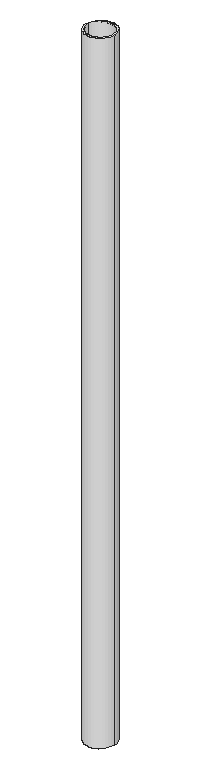
Revit family "M_Pipe-Column", category 구조 기둥, Revit 2026
Family settings
  단면 모양 = 정의되지 않음
  모델 동작 재료 = 스틸
  항상 형상으로 내보내기 = 아니오
  평면의 보 전환 = 형상에서
  로드될 때 보이드를 사용하여 절단 = 아니오
  기호 표현 = 프로젝트 설정에서
  공유 = 아니오
  평면도에서 미리 절단된 패밀리 표시 = 예
Parameters (values of type "PIPE102STD")
  Assembly Code = ""
  Structural Material [instance] = Metal - Steel - 345 MPa
  A = 0.00205 m²
  Gauge = "Standard"
  ID = 102 mm
  W = 0.158
  OD = 114 mm
  t = 6 mm
Types (2, lengths in mm): name | A | ID | W | OD | t
  PIPE102STD | 0.00205 m² | 102 | 0.158 | 114 | 6
  PIPE152STD | 0.0036 m² | 154 | 0.277 | 168 | 7.1
Reference planes
  plane 1 "Center (Front/Back)": y = 0
  plane 2: z = 0
  plane 3 "Center (Left/Right)": x = 0
  plane 4: x = -57
  plane 5: x = 57
  plane 6: y = 57
  plane 7: y = -57
  plane 8: x = -51
  plane 9: x = 51
Forms (mm)
  Extrusion 1, solid, material "Metal - Steel - 345 MPa" <- "Structural Material", detail levels medium+fine
    sketch origin (0, 0, 0) x (1, 0, 0) y (0, 1, 0)
      loop
        circle (0, 0) r 57
      loop
        circle (0, 0) r 51
    from 0 to 2500
Lines and regions (mm)
  symbolic lines, style "StructuralColumnStickSymbols", detail levels coarse
    curve 1: arc (-57, 0, 0) -> (0, -57, 0) -> (57, 0, 0) r 57
    curve 2: arc (57, 0, 0) -> (0, 57, 0) -> (-57, 0, 0) r 57
Dimensions and locks
  equal spacing: plane 4, plane 3 "Center (Left/Right)", plane 5
  equal spacing: plane 7, plane 1 "Center (Front/Back)", plane 6
  "OD": plane 7 to plane 6
  "OD": plane 4 to plane 5
  "t": plane 4 to plane 8
  "t": plane 9 to plane 5
  aligned and locked: level to Extrusion 1
  aligned and locked: level to plane 2
  aligned and locked: Extrusion 1 to plane 2
  aligned and locked: curve 1 to Extrusion 1
Automatic sketch dimensions
  Extrusion 1 sketch curve to plane 1 "Center (Front/Back)" = 0 mm  (x2)
  Extrusion 1 sketch curve to plane 4 = 0 mm
  Extrusion 1 sketch curve to plane 8 = 0 mm
  Extrusion 1 sketch curve to plane 3 "Center (Left/Right)" = 0 mm  (x2)
